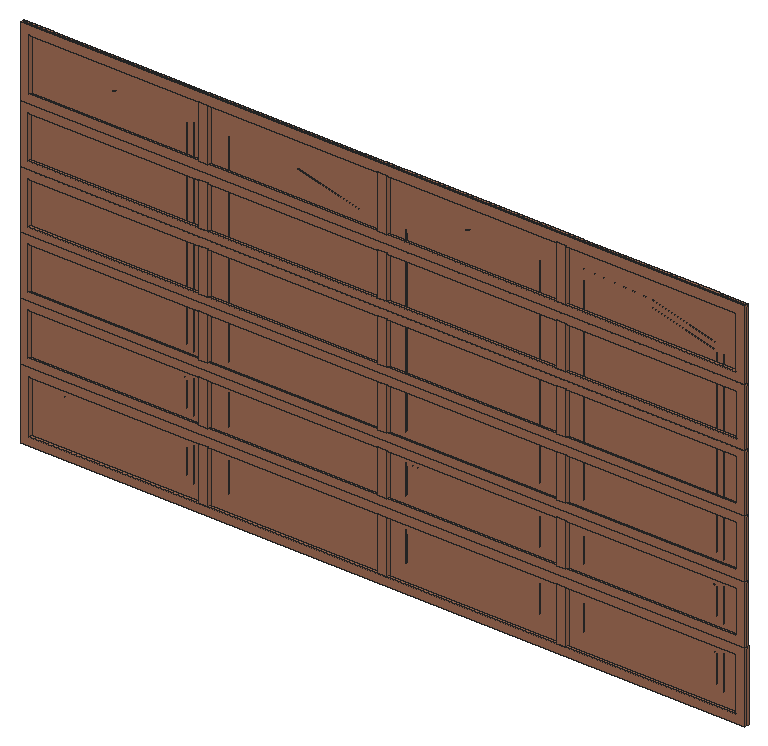
Revit family "GDBL E 8PARCHHB CRV", category Doors, host Wall, Revit 2013 (continued)
Forms (mm)
  Extrusion 99, solid, material "Garage Wood"
    sketch origin (2744.172, 300, 824) x (1, 0, 0) y (0, 1, 0)
      loop
        line (-3994.172, -384) -> (-3994.172, -405) -> (-3934.172, -405) -> (-3934.172, -384) -> (-3994.172, -384)
      loop
        line (-1494.172, -384) -> (-1554.172, -384) -> (-1554.172, -405) -> (-1494.172, -405) -> (-1494.172, -384)
    from -764 to -402
Cuts and joins
  Sweep 41, Sweep 44, Sweep 47, Sweep 50, Extrusion 54, Extrusion 55, Extrusion 59, Extrusion 60 cuts Extrusion 11
  Sweep 41, Sweep 44, Sweep 47, Sweep 50, Extrusion 54, Extrusion 55, Extrusion 56, Extrusion 58, Extrusion 59 cuts Extrusion 12
  Sweep 41, Sweep 44, Sweep 47, Sweep 50, Extrusion 53, Extrusion 57, Extrusion 62, Extrusion 63, Extrusion 64, Extrusion 65, Extrusion 66, Extrusion 67, Extrusion 68, Extrusion 69, Extrusion 70, Extrusion 71, Extrusion 72, Extrusion 73, Extrusion 74, Extrusion 75, Extrusion 76, Extrusion 77, Extrusion 78, Extrusion 79, Extrusion 80, Extrusion 81, Extrusion 82, Extrusion 83, Extrusion 84, Extrusion 85, Extrusion 86, Extrusion 87, Extrusion 88, Extrusion 89, Extrusion 90, Extrusion 91, Extrusion 92, Extrusion 93, Extrusion 94, Extrusion 95, Extrusion 96, Extrusion 97 cuts Extrusion 13
  Sweep 41, Sweep 44, Sweep 47, Sweep 50, Extrusion 53, Extrusion 56, Extrusion 57, Extrusion 58 cuts Extrusion 36
  Sweep 42, Sweep 45, Sweep 48, Sweep 51, Extrusion 61 cuts Extrusion 9
  Sweep 43, Sweep 46, Sweep 49, Sweep 52, Extrusion 60, Extrusion 61 cuts Extrusion 10
  Extrusion 53, Extrusion 57, Extrusion 62 cuts Sweep 15
  Extrusion 53, Extrusion 57 cuts Sweep 20
  Extrusion 57 cuts Sweep 25
  Extrusion 57 cuts Sweep 30
  Extrusion 58 cuts Sweep 37
  Extrusion 58 cuts Sweep 38
  Extrusion 58 cuts Sweep 39
  Extrusion 58 cuts Sweep 40
  Extrusion 59 cuts Sweep 17
  Extrusion 59 cuts Sweep 22
  Extrusion 59 cuts Sweep 27
  Extrusion 59 cuts Sweep 32
  Extrusion 60 cuts Sweep 18
  Extrusion 60 cuts Sweep 23
  Extrusion 60 cuts Sweep 28
  Extrusion 60 cuts Sweep 33
  Extrusion 61 cuts Sweep 14
  Extrusion 61 cuts Sweep 19
  Extrusion 61 cuts Sweep 24
  Extrusion 61 cuts Sweep 29
Lines and regions (mm)
  Opening 1
    outline origin (-3050, -75, 0) x (1, 0, 0) y (0, 0, 1)
      loop
        line (610, 0) -> (5490, 0) -> (5490, 2535) -> (610, 2535) -> (610, 0)
  symbolic lines, style "Elevation Swing"
    curve 1: line (-2470, -105, 1688) -> (-2470, -2275, 1688)
    curve 2: line (-2470, -2275, 1688) -> (2470, -2275, 1688)
    curve 3: line (2470, -2275, 1688) -> (2470, -105, 1688)
Text (mm)
  text "Exterior" at (-2295.016, 1099.543, 0), in view "Ref. Level"
  text "Exterior" at (0, 1615.38, 3698.081), in view "Left"
  text "Exterior" at (0, 1036.032, 3874.932), in view "Right"
Dimensions and locks
  equal spacing: plane 3 "Left", plane 2 "Center (Left/Right)", plane 4 "Right"
  "Width": plane 3 "Left" to plane 4 "Right"
  "Height": plane 5 to host wall
  host wall to plane 5 = 2535 mm
  host wall to plane 15 = 2570 mm
  locked: plane 6 "Exterior" to host wall at 0
  locked: plane 7 "Interior" to host wall
  plane 3 "Left" to plane 4 "Right" = 4880 mm
  plane 9 "Garage Top" to plane 13 to plane 12 to plane 11 to plane 10 to level = 402 mm, 402 mm, 402 mm, 402 mm, 482 mm
  "Wall Opening": plane 3 "Left" to plane 4 "Right"
  level to plane 10 to plane 11 to plane 12 to plane 13 to plane 9 "Garage Top" = 482 mm, 402 mm, 402 mm, 402 mm, 402 mm
  plane 9 "Garage Top" to plane 15 = 480 mm
  plane 15 to plane 9 "Garage Top" = 480 mm
  aligned and locked: plane 3 "Left" to Opening 1 sketch curve
  aligned and locked: plane 5 to Opening 1 sketch curve  (x2)
  aligned and locked: Opening 1 sketch curve to plane 4 "Right"
  aligned and locked: Opening 1 sketch curve to level
  aligned and locked: host wall to plane 1
  aligned and locked: level to Sweep 2 sketch curve
Automatic sketch dimensions
  plane 3 "Left" to curve 1 = 30 mm
  host wall to curve 1 = 2200 mm
  curve 2 to plane 4 "Right" = 30 mm
  host wall to curve 3 = 30 mm
  host wall to curve 1 = 30 mm
  Sweep 1 sketch curve to plane 12 = 0 mm
  Sweep 1 sketch curve to plane 13 = 0 mm
  plane 3 "Left" to Sweep 1 sketch curve = 30 mm
  Sweep 1 sketch curve to plane 4 "Right" = 30 mm
  profile plane to Sweep 1 sketch curve = 0 mm
  profile plane to Sweep 1 sketch curve = 9 mm
  profile plane to Sweep 1 sketch curve = 54 mm
  Sweep 1 sketch curve to Sweep 1 sketch curve = 21 mm
  Sweep 2 sketch curve to plane 10 = 0 mm
  plane 3 "Left" to Sweep 2 sketch curve = 30 mm
  Sweep 2 sketch curve to plane 4 "Right" = 30 mm
  profile plane to Sweep 2 sketch curve = 0 mm
  profile plane to Sweep 2 sketch curve = 9 mm
  Sweep 2 sketch curve to Sweep 2 sketch curve = 60 mm
  Sweep 2 sketch curve to Sweep 2 sketch curve = 21 mm
  Sweep 3 sketch curve to plane 9 "Garage Top" = 0 mm
  Sweep 3 sketch curve to plane 15 = 0 mm
  plane 3 "Left" to Sweep 3 sketch curve = 30 mm
  Sweep 3 sketch curve to plane 4 "Right" = 30 mm
  profile plane to Sweep 3 sketch curve = 0 mm
  profile plane to Sweep 3 sketch curve = 9 mm
  profile plane to Sweep 3 sketch curve = 60 mm
  Sweep 3 sketch curve to Sweep 3 sketch curve = 21 mm
  Sweep 4 sketch curve to plane 11 = 0 mm
  Sweep 4 sketch curve to plane 12 = 0 mm
  plane 3 "Left" to Sweep 4 sketch curve = 30 mm
  Sweep 4 sketch curve to plane 4 "Right" = 30 mm
  profile plane to Sweep 4 sketch curve = 0 mm
  profile plane to Sweep 4 sketch curve = 9 mm
  profile plane to Sweep 4 sketch curve = 54 mm
  Sweep 4 sketch curve to Sweep 4 sketch curve = 21 mm
  Sweep 5 sketch curve to plane 10 = 0 mm
  Sweep 5 sketch curve to plane 11 = 0 mm
  plane 3 "Left" to Sweep 5 sketch curve = 30 mm
  Sweep 5 sketch curve to plane 4 "Right" = 30 mm
  profile plane to Sweep 5 sketch curve = 0 mm
  profile plane to Sweep 5 sketch curve = 9 mm
  profile plane to Sweep 5 sketch curve = 54 mm
  Sweep 5 sketch curve to Sweep 5 sketch curve = 21 mm
  host wall to Extrusion 6 sketch curve = 30 mm  (x2)
  Extrusion 6 sketch curve to plane 3 "Left" = 1190 mm
  Extrusion 6 sketch curve to Extrusion 6 sketch curve = 60 mm  (x2)
  Extrusion 6 sketch curve to plane 2 "Center (Left/Right)" = 30 mm
  host wall to Extrusion 6 sketch curve = 9 mm  (x3)
  plane 2 "Center (Left/Right)" to Extrusion 6 sketch curve = 30 mm
  Extrusion 6 sketch curve to Extrusion 6 sketch curve = 1160 mm
  Extrusion 6 sketch curve to Extrusion 6 sketch curve = 21 mm
  host wall to Extrusion 7 sketch curve = 30 mm  (x2)
  Extrusion 7 sketch curve to plane 3 "Left" = 1190 mm
  Extrusion 7 sketch curve to Extrusion 7 sketch curve = 60 mm  (x2)
  Extrusion 7 sketch curve to plane 2 "Center (Left/Right)" = 30 mm
  host wall to Extrusion 7 sketch curve = 9 mm  (x3)
  plane 2 "Center (Left/Right)" to Extrusion 7 sketch curve = 30 mm
  Extrusion 7 sketch curve to Extrusion 7 sketch curve = 1160 mm
  Extrusion 7 sketch curve to Extrusion 7 sketch curve = 21 mm
  host wall to Extrusion 8 sketch curve = 30 mm  (x2)
  Extrusion 8 sketch curve to plane 3 "Left" = 1190 mm
  Extrusion 8 sketch curve to Extrusion 8 sketch curve = 60 mm  (x2)
  Extrusion 8 sketch curve to plane 2 "Center (Left/Right)" = 30 mm
  host wall to Extrusion 8 sketch curve = 9 mm  (x3)
  plane 2 "Center (Left/Right)" to Extrusion 8 sketch curve = 30 mm
  Extrusion 8 sketch curve to Extrusion 8 sketch curve = 1160 mm
  Extrusion 8 sketch curve to Extrusion 8 sketch curve = 21 mm
  Extrusion 9 sketch curve to plane 10 = 0 mm
  Extrusion 9 sketch curve to level = 0 mm
  Extrusion 9 sketch curve to plane 4 "Right" = 30 mm
  plane 3 "Left" to Extrusion 9 sketch curve = 30 mm
  Extrusion 10 sketch curve to plane 11 = 0 mm
  Extrusion 10 sketch curve to plane 10 = 0 mm
  Extrusion 10 sketch curve to plane 4 "Right" = 30 mm
  plane 3 "Left" to Extrusion 10 sketch curve = 30 mm
  Extrusion 11 sketch curve to plane 12 = 0 mm
  Extrusion 11 sketch curve to plane 11 = 0 mm
  Extrusion 11 sketch curve to plane 4 "Right" = 30 mm
  plane 3 "Left" to Extrusion 11 sketch curve = 30 mm
  Extrusion 12 sketch curve to plane 13 = 0 mm
  Extrusion 12 sketch curve to plane 12 = 0 mm
  Extrusion 12 sketch curve to plane 4 "Right" = 30 mm
  plane 3 "Left" to Extrusion 12 sketch curve = 30 mm
  Extrusion 13 sketch curve to plane 15 = 0 mm
  Extrusion 13 sketch curve to plane 9 "Garage Top" = 0 mm
  Extrusion 13 sketch curve to plane 4 "Right" = 30 mm
  plane 3 "Left" to Extrusion 13 sketch curve = 30 mm
  Sweep 14 sketch curve to plane 11 = 90 mm
  plane 4 "Right" to Sweep 14 sketch curve = 170 mm
  plane 10 to Sweep 14 sketch curve = 100 mm
  Sweep 14 sketch curve to Sweep 14 sketch curve = 925.088 mm
  profile plane to Sweep 14 sketch curve = 0 mm
  Sweep 14 sketch curve to profile plane = 0 mm
  profile plane to Sweep 14 sketch curve = 3.5 mm
  Sweep 14 sketch curve to profile plane = 31 mm
  Sweep 14 sketch curve to profile plane = 6.5 mm
  profile plane to Sweep 14 sketch curve = 1.875 mm
  Sweep 14 sketch curve to Sweep 14 sketch curve = 9 mm
  Sweep 14 sketch curve to Sweep 14 sketch curve = 6.5 mm
  plane 5 to Sweep 15 sketch curve = 175 mm
  plane 4 "Right" to Sweep 15 sketch curve = 170 mm
  Sweep 15 sketch curve to plane 9 "Garage Top" = 0 mm
  Sweep 15 sketch curve to plane 9 "Garage Top" = 129.969 mm
  plane 9 "Garage Top" to Sweep 15 sketch curve = 0.031 mm
  Sweep 15 sketch curve to level = 180.378 mm
  Sweep 15 sketch curve to Sweep 15 sketch curve = 925.088 mm
  Sweep 15 sketch curve to profile plane = 0 mm  (x2)
  profile plane to Sweep 15 sketch curve = 3.5 mm
  profile plane to Sweep 15 sketch curve = 31 mm
  Sweep 15 sketch curve to Sweep 15 sketch curve = 3.5 mm
  profile plane to Sweep 15 sketch curve = 1.875 mm
  profile plane to Sweep 15 sketch curve = 6.5 mm
  Sweep 15 sketch curve to Sweep 15 sketch curve = 6.5 mm
  level to Sweep 16 sketch curve = 170 mm
  plane 4 "Right" to Sweep 16 sketch curve = 1095.088 mm
  Sweep 16 sketch curve to plane 10 = 100 mm
  plane 4 "Right" to Sweep 16 sketch curve = 170 mm
  Sweep 16 sketch curve to profile plane = 0 mm
  profile plane to Sweep 16 sketch curve = 0 mm
  profile plane to Sweep 16 sketch curve = 3.5 mm  (x2)
  profile plane to Sweep 16 sketch curve = 31 mm
  Sweep 16 sketch curve to Sweep 16 sketch curve = 6.5 mm
  profile plane to Sweep 16 sketch curve = 1.875 mm
  Sweep 16 sketch curve to Sweep 16 sketch curve = 9 mm
  Sweep 17 sketch curve to plane 13 = 0 mm
  Sweep 17 sketch curve to plane 12 = 0 mm
  plane 4 "Right" to Sweep 17 sketch curve = 155.088 mm
  Sweep 17 sketch curve to profile plane = 0 mm  (x2)
  profile plane to Sweep 17 sketch curve = 16.088 mm
  profile plane to Sweep 17 sketch curve = 3.5 mm  (x2)
  Sweep 17 sketch curve to Sweep 17 sketch curve = 3.5 mm  (x2)
  profile plane to Sweep 17 sketch curve = 1.875 mm  (x2)
  Sweep 17 sketch curve to Sweep 17 sketch curve = 6.5 mm  (x4)
  Sweep 17 sketch curve to profile plane = 14.912 mm
  Sweep 17 sketch curve to Sweep 17 sketch curve = 925.088 mm
  Sweep 17 sketch curve to Sweep 17 sketch curve = 24.5 mm
  plane 11 to Sweep 18 sketch curve = 90 mm
  plane 4 "Right" to Sweep 18 sketch curve = 170 mm
  Sweep 18 sketch curve to plane 12 = 0 mm  (x2)
  Sweep 18 sketch curve to Sweep 18 sketch curve = 925.109 mm
  Sweep 18 sketch curve to profile plane = 0 mm  (x2)
  profile plane to Sweep 18 sketch curve = 31 mm
  Sweep 18 sketch curve to Sweep 18 sketch curve = 3.5 mm  (x2)
  profile plane to Sweep 18 sketch curve = 1.875 mm
  Sweep 18 sketch curve to Sweep 18 sketch curve = 6.5 mm  (x2)
  Sweep 19 sketch curve to plane 11 = 90 mm
  plane 2 "Center (Left/Right)" to Sweep 19 sketch curve = 1065.088 mm
  plane 10 to Sweep 19 sketch curve = 100 mm
  plane 2 "Center (Left/Right)" to Sweep 19 sketch curve = 140 mm
  Sweep 19 sketch curve to profile plane = 0 mm  (x2)
  profile plane to Sweep 19 sketch curve = 3.5 mm  (x2)
  profile plane to Sweep 19 sketch curve = 31 mm
  Sweep 19 sketch curve to Sweep 19 sketch curve = 6.5 mm
  profile plane to Sweep 19 sketch curve = 1.875 mm
  Sweep 19 sketch curve to Sweep 19 sketch curve = 9 mm
  plane 5 to Sweep 20 sketch curve = 175 mm
  plane 2 "Center (Left/Right)" to Sweep 20 sketch curve = 1065.088 mm
  Sweep 20 sketch curve to plane 9 "Garage Top" = 0 mm  (x2)
  Sweep 20 sketch curve to plane 9 "Garage Top" = 129.969 mm
  Sweep 20 sketch curve to level = 180.378 mm
  plane 2 "Center (Left/Right)" to Sweep 20 sketch curve = 140 mm
  Sweep 20 sketch curve to profile plane = 0 mm  (x2)
  Sweep 20 sketch curve to profile plane = 31 mm
  Sweep 20 sketch curve to Sweep 20 sketch curve = 3.5 mm  (x2)
  profile plane to Sweep 20 sketch curve = 1.875 mm
  Sweep 20 sketch curve to profile plane = 6.5 mm
  Sweep 20 sketch curve to Sweep 20 sketch curve = 6.5 mm
  level to Sweep 21 sketch curve = 170 mm
  plane 2 "Center (Left/Right)" to Sweep 21 sketch curve = 140 mm
  Sweep 21 sketch curve to plane 10 = 100 mm
  Sweep 21 sketch curve to Sweep 21 sketch curve = 925.088 mm
  Sweep 21 sketch curve to profile plane = 0 mm  (x2)
  profile plane to Sweep 21 sketch curve = 3.5 mm
  Sweep 21 sketch curve to Sweep 21 sketch curve = 31 mm
  Sweep 21 sketch curve to profile plane = 6.5 mm
  profile plane to Sweep 21 sketch curve = 1.875 mm
  Sweep 21 sketch curve to Sweep 21 sketch curve = 9 mm
  Sweep 21 sketch curve to Sweep 21 sketch curve = 6.5 mm
  Sweep 22 sketch curve to plane 13 = 0 mm
  Sweep 22 sketch curve to plane 12 = 0 mm
  plane 2 "Center (Left/Right)" to Sweep 22 sketch curve = 125.088 mm
  Sweep 22 sketch curve to profile plane = 0 mm  (x2)
  profile plane to Sweep 22 sketch curve = 971 mm
  profile plane to Sweep 22 sketch curve = 3.5 mm  (x2)
  Sweep 22 sketch curve to Sweep 22 sketch curve = 3.5 mm  (x2)
  profile plane to Sweep 22 sketch curve = 1.875 mm  (x2)
  Sweep 22 sketch curve to Sweep 22 sketch curve = 6.5 mm  (x4)
  Sweep 22 sketch curve to Sweep 22 sketch curve = 24.5 mm
  profile plane to Sweep 22 sketch curve = 14.912 mm
  Sweep 22 sketch curve to profile plane = 16.088 mm
  plane 11 to Sweep 23 sketch curve = 90 mm
  plane 2 "Center (Left/Right)" to Sweep 23 sketch curve = 1065.109 mm
  Sweep 23 sketch curve to plane 12 = 0 mm  (x2)
  plane 2 "Center (Left/Right)" to Sweep 23 sketch curve = 140 mm
  Sweep 23 sketch curve to profile plane = 0 mm  (x2)
  Sweep 23 sketch curve to profile plane = 31 mm
  Sweep 23 sketch curve to Sweep 23 sketch curve = 3.5 mm  (x2)
  profile plane to Sweep 23 sketch curve = 1.875 mm
  Sweep 23 sketch curve to Sweep 23 sketch curve = 6.5 mm  (x2)
  Sweep 24 sketch curve to plane 11 = 90 mm
  Sweep 24 sketch curve to plane 3 "Left" = 1095.088 mm
  plane 10 to Sweep 24 sketch curve = 100 mm
  Sweep 24 sketch curve to plane 3 "Left" = 170 mm
  Sweep 24 sketch curve to profile plane = 0 mm  (x2)
  profile plane to Sweep 24 sketch curve = 3.5 mm  (x2)
  profile plane to Sweep 24 sketch curve = 31 mm
  Sweep 24 sketch curve to Sweep 24 sketch curve = 6.5 mm
  profile plane to Sweep 24 sketch curve = 1.875 mm
  Sweep 24 sketch curve to Sweep 24 sketch curve = 9 mm
  plane 5 to Sweep 25 sketch curve = 175 mm
  Sweep 25 sketch curve to plane 3 "Left" = 1095.088 mm
  Sweep 25 sketch curve to plane 9 "Garage Top" = 0 mm  (x2)
  Sweep 25 sketch curve to plane 9 "Garage Top" = 129.969 mm
  Sweep 25 sketch curve to level = 180.378 mm
  Sweep 25 sketch curve to plane 3 "Left" = 170 mm
  Sweep 25 sketch curve to profile plane = 0 mm  (x2)
  Sweep 25 sketch curve to profile plane = 31 mm
  Sweep 25 sketch curve to Sweep 25 sketch curve = 3.5 mm  (x2)
  profile plane to Sweep 25 sketch curve = 1.875 mm
  Sweep 25 sketch curve to profile plane = 6.5 mm
  Sweep 25 sketch curve to Sweep 25 sketch curve = 6.5 mm
  level to Sweep 26 sketch curve = 170 mm
  Sweep 26 sketch curve to plane 3 "Left" = 170 mm
  Sweep 26 sketch curve to plane 10 = 100 mm
  Sweep 26 sketch curve to Sweep 26 sketch curve = 925.088 mm
  Sweep 26 sketch curve to profile plane = 0 mm  (x2)
  profile plane to Sweep 26 sketch curve = 3.5 mm
  Sweep 26 sketch curve to Sweep 26 sketch curve = 31 mm
  Sweep 26 sketch curve to profile plane = 6.5 mm
  profile plane to Sweep 26 sketch curve = 1.875 mm
  Sweep 26 sketch curve to Sweep 26 sketch curve = 9 mm
  Sweep 26 sketch curve to Sweep 26 sketch curve = 6.5 mm
  Sweep 27 sketch curve to plane 13 = 0 mm
  Sweep 27 sketch curve to plane 12 = 0 mm
  Sweep 27 sketch curve to plane 3 "Left" = 155.088 mm
  Sweep 27 sketch curve to profile plane = 0 mm  (x2)
  profile plane to Sweep 27 sketch curve = 971 mm
  profile plane to Sweep 27 sketch curve = 3.5 mm  (x2)
  Sweep 27 sketch curve to Sweep 27 sketch curve = 3.5 mm  (x2)
  profile plane to Sweep 27 sketch curve = 1.875 mm  (x2)
  Sweep 27 sketch curve to Sweep 27 sketch curve = 6.5 mm  (x4)
  Sweep 27 sketch curve to Sweep 27 sketch curve = 24.5 mm
  profile plane to Sweep 27 sketch curve = 14.912 mm
  Sweep 27 sketch curve to profile plane = 16.088 mm
  plane 11 to Sweep 28 sketch curve = 90 mm
  Sweep 28 sketch curve to plane 3 "Left" = 1095.109 mm
  Sweep 28 sketch curve to plane 12 = 0 mm  (x2)
  Sweep 28 sketch curve to plane 3 "Left" = 170 mm
  Sweep 28 sketch curve to profile plane = 0 mm  (x2)
  Sweep 28 sketch curve to profile plane = 31 mm
  Sweep 28 sketch curve to Sweep 28 sketch curve = 3.5 mm  (x2)
  profile plane to Sweep 28 sketch curve = 1.875 mm
  Sweep 28 sketch curve to Sweep 28 sketch curve = 6.5 mm  (x2)
  Sweep 29 sketch curve to plane 11 = 90 mm
  Sweep 29 sketch curve to plane 2 "Center (Left/Right)" = 140 mm
  plane 10 to Sweep 29 sketch curve = 100 mm
  Sweep 29 sketch curve to Sweep 29 sketch curve = 925.088 mm
  profile plane to Sweep 29 sketch curve = 0 mm
  Sweep 29 sketch curve to profile plane = 0 mm
  profile plane to Sweep 29 sketch curve = 3.5 mm
  Sweep 29 sketch curve to Sweep 29 sketch curve = 31 mm
  Sweep 29 sketch curve to profile plane = 6.5 mm
  profile plane to Sweep 29 sketch curve = 1.875 mm
  Sweep 29 sketch curve to Sweep 29 sketch curve = 9 mm
  Sweep 29 sketch curve to Sweep 29 sketch curve = 6.5 mm
  plane 5 to Sweep 30 sketch curve = 175 mm
  Sweep 30 sketch curve to plane 2 "Center (Left/Right)" = 140 mm
  Sweep 30 sketch curve to plane 9 "Garage Top" = 0 mm  (x2)
  Sweep 30 sketch curve to plane 9 "Garage Top" = 129.969 mm
  Sweep 30 sketch curve to level = 180.378 mm
  Sweep 30 sketch curve to Sweep 30 sketch curve = 925.088 mm
  Sweep 30 sketch curve to profile plane = 0 mm  (x2)
  profile plane to Sweep 30 sketch curve = 3.5 mm
  profile plane to Sweep 30 sketch curve = 31 mm
  Sweep 30 sketch curve to Sweep 30 sketch curve = 3.5 mm
  profile plane to Sweep 30 sketch curve = 1.875 mm
  profile plane to Sweep 30 sketch curve = 6.5 mm
  Sweep 30 sketch curve to Sweep 30 sketch curve = 6.5 mm
  level to Sweep 31 sketch curve = 170 mm
  Sweep 31 sketch curve to plane 2 "Center (Left/Right)" = 1065.088 mm
  Sweep 31 sketch curve to plane 10 = 100 mm
  Sweep 31 sketch curve to plane 2 "Center (Left/Right)" = 140 mm
  Sweep 31 sketch curve to profile plane = 0 mm
  profile plane to Sweep 31 sketch curve = 0 mm
  profile plane to Sweep 31 sketch curve = 3.5 mm  (x2)
  profile plane to Sweep 31 sketch curve = 31 mm
  Sweep 31 sketch curve to Sweep 31 sketch curve = 6.5 mm
  profile plane to Sweep 31 sketch curve = 1.875 mm
  Sweep 31 sketch curve to Sweep 31 sketch curve = 9 mm
  Sweep 32 sketch curve to plane 13 = 0 mm
  Sweep 32 sketch curve to plane 12 = 0 mm
  Sweep 32 sketch curve to plane 2 "Center (Left/Right)" = 125.088 mm
  Sweep 32 sketch curve to profile plane = 0 mm  (x2)
  profile plane to Sweep 32 sketch curve = 16.088 mm
  profile plane to Sweep 32 sketch curve = 3.5 mm  (x2)
  Sweep 32 sketch curve to Sweep 32 sketch curve = 3.5 mm  (x2)
  profile plane to Sweep 32 sketch curve = 1.875 mm  (x2)
  Sweep 32 sketch curve to Sweep 32 sketch curve = 6.5 mm  (x4)
  Sweep 32 sketch curve to profile plane = 14.912 mm
  Sweep 32 sketch curve to Sweep 32 sketch curve = 925.088 mm
  Sweep 32 sketch curve to Sweep 32 sketch curve = 24.5 mm
  plane 11 to Sweep 33 sketch curve = 90 mm
  Sweep 33 sketch curve to plane 2 "Center (Left/Right)" = 140 mm
  Sweep 33 sketch curve to plane 12 = 0 mm  (x2)
  Sweep 33 sketch curve to Sweep 33 sketch curve = 925.109 mm
  Sweep 33 sketch curve to profile plane = 0 mm  (x2)
  profile plane to Sweep 33 sketch curve = 31 mm
  Sweep 33 sketch curve to Sweep 33 sketch curve = 3.5 mm  (x2)
  profile plane to Sweep 33 sketch curve = 1.875 mm
  Sweep 33 sketch curve to Sweep 33 sketch curve = 6.5 mm  (x2)
  Sweep 34 sketch curve to plane 13 = 0 mm
  Sweep 34 sketch curve to plane 9 "Garage Top" = 0 mm
  plane 3 "Left" to Sweep 34 sketch curve = 30 mm
  Sweep 34 sketch curve to plane 4 "Right" = 30 mm
  profile plane to Sweep 34 sketch curve = 0 mm
  profile plane to Sweep 34 sketch curve = 9 mm
  profile plane to Sweep 34 sketch curve = 54 mm
  Sweep 34 sketch curve to Sweep 34 sketch curve = 21 mm
  host wall to Extrusion 35 sketch curve = 30 mm  (x2)
  Extrusion 35 sketch curve to plane 3 "Left" = 1190 mm
  Extrusion 35 sketch curve to Extrusion 35 sketch curve = 60 mm  (x2)
  Extrusion 35 sketch curve to plane 2 "Center (Left/Right)" = 30 mm
  host wall to Extrusion 35 sketch curve = 9 mm  (x3)
  plane 2 "Center (Left/Right)" to Extrusion 35 sketch curve = 30 mm
  Extrusion 35 sketch curve to Extrusion 35 sketch curve = 1160 mm
  Extrusion 35 sketch curve to Extrusion 35 sketch curve = 21 mm
  Extrusion 36 sketch curve to plane 9 "Garage Top" = 0 mm
  Extrusion 36 sketch curve to plane 13 = 0 mm
  Extrusion 36 sketch curve to plane 4 "Right" = 30 mm
  plane 3 "Left" to Extrusion 36 sketch curve = 30 mm
  Sweep 37 sketch curve to plane 9 "Garage Top" = 0 mm
  Sweep 37 sketch curve to plane 13 = 0 mm
  plane 4 "Right" to Sweep 37 sketch curve = 155.088 mm
  Sweep 37 sketch curve to profile plane = 0 mm  (x2)
  profile plane to Sweep 37 sketch curve = 16.088 mm
  profile plane to Sweep 37 sketch curve = 3.5 mm  (x2)
  Sweep 37 sketch curve to Sweep 37 sketch curve = 3.5 mm  (x2)
  profile plane to Sweep 37 sketch curve = 1.875 mm  (x2)
  Sweep 37 sketch curve to Sweep 37 sketch curve = 6.5 mm  (x4)
  Sweep 37 sketch curve to profile plane = 14.912 mm
  Sweep 37 sketch curve to Sweep 37 sketch curve = 925.088 mm
  Sweep 37 sketch curve to Sweep 37 sketch curve = 24.5 mm
  Sweep 38 sketch curve to plane 9 "Garage Top" = 0 mm
  Sweep 38 sketch curve to plane 13 = 0 mm
  plane 2 "Center (Left/Right)" to Sweep 38 sketch curve = 125.088 mm
  Sweep 38 sketch curve to profile plane = 0 mm  (x2)
  profile plane to Sweep 38 sketch curve = 971 mm
  profile plane to Sweep 38 sketch curve = 3.5 mm  (x2)
  Sweep 38 sketch curve to Sweep 38 sketch curve = 3.5 mm  (x2)
  profile plane to Sweep 38 sketch curve = 1.875 mm  (x2)
  Sweep 38 sketch curve to Sweep 38 sketch curve = 6.5 mm  (x4)
  Sweep 38 sketch curve to Sweep 38 sketch curve = 24.5 mm
  profile plane to Sweep 38 sketch curve = 14.912 mm
  Sweep 38 sketch curve to profile plane = 16.088 mm
  Sweep 39 sketch curve to plane 9 "Garage Top" = 0 mm
  Sweep 39 sketch curve to plane 13 = 0 mm
  Sweep 39 sketch curve to plane 3 "Left" = 155.088 mm
  Sweep 39 sketch curve to profile plane = 0 mm  (x2)
  profile plane to Sweep 39 sketch curve = 971 mm
  profile plane to Sweep 39 sketch curve = 3.5 mm  (x2)
  Sweep 39 sketch curve to Sweep 39 sketch curve = 3.5 mm  (x2)
  profile plane to Sweep 39 sketch curve = 1.875 mm  (x2)
  Sweep 39 sketch curve to Sweep 39 sketch curve = 6.5 mm  (x4)
  Sweep 39 sketch curve to Sweep 39 sketch curve = 24.5 mm
  profile plane to Sweep 39 sketch curve = 14.912 mm
  Sweep 39 sketch curve to profile plane = 16.088 mm
  Sweep 40 sketch curve to plane 9 "Garage Top" = 0 mm
  Sweep 40 sketch curve to plane 13 = 0 mm
  Sweep 40 sketch curve to plane 2 "Center (Left/Right)" = 125.088 mm
  Sweep 40 sketch curve to profile plane = 0 mm  (x2)
  profile plane to Sweep 40 sketch curve = 16.088 mm
  profile plane to Sweep 40 sketch curve = 3.5 mm  (x2)
  Sweep 40 sketch curve to Sweep 40 sketch curve = 3.5 mm  (x2)
  profile plane to Sweep 40 sketch curve = 1.875 mm  (x2)
  Sweep 40 sketch curve to Sweep 40 sketch curve = 6.5 mm  (x4)
  Sweep 40 sketch curve to profile plane = 14.912 mm
  Sweep 40 sketch curve to Sweep 40 sketch curve = 925.088 mm
  Sweep 40 sketch curve to Sweep 40 sketch curve = 24.5 mm
  plane 5 to Sweep 41 sketch curve = 175 mm
  plane 4 "Right" to Sweep 41 sketch curve = 170.108 mm
  Sweep 41 sketch curve to plane 9 "Garage Top" = 129.999 mm
  plane 11 to Sweep 41 sketch curve = 90.013 mm
  Sweep 41 sketch curve to level = 180.378 mm
  Sweep 41 sketch curve to Sweep 41 sketch curve = 925.002 mm
  Sweep 41 sketch curve to plane 14 "Front Garage" = 0 mm
  profile plane to Sweep 41 sketch curve = 9.979 mm
  Sweep 41 sketch curve to profile plane = 0.021 mm
  Sweep 41 sketch curve to plane 14 "Front Garage" = 5 mm
  Sweep 42 sketch curve to plane 10 = 100 mm
  plane 4 "Right" to Sweep 42 sketch curve = 170 mm
  level to Sweep 42 sketch curve = 170 mm
  Sweep 42 sketch curve to Sweep 42 sketch curve = 925.088 mm
  profile plane to Sweep 42 sketch curve = 0 mm
  Sweep 42 sketch curve to plane 14 "Front Garage" = 5.011 mm
  Sweep 42 sketch curve to plane 14 "Front Garage" = 2.511 mm
  profile plane to Sweep 42 sketch curve = 10 mm
  Sweep 42 sketch curve to plane 14 "Front Garage" = 0.004 mm
  Sweep 43 sketch curve to plane 11 = 90 mm
  plane 4 "Right" to Sweep 43 sketch curve = 170 mm
  plane 10 to Sweep 43 sketch curve = 100 mm
  Sweep 43 sketch curve to Sweep 43 sketch curve = 925.088 mm
  profile plane to Sweep 43 sketch curve = 0 mm
  Sweep 43 sketch curve to plane 14 "Front Garage" = 5.011 mm
  Sweep 43 sketch curve to plane 14 "Front Garage" = 2.511 mm
  profile plane to Sweep 43 sketch curve = 10 mm
  Sweep 43 sketch curve to plane 14 "Front Garage" = 0.015 mm
  Sweep 43 sketch curve to Sweep 43 sketch curve = 2.507 mm
  Sweep 44 sketch curve to plane 5 = 175 mm
  Sweep 44 sketch curve to plane 2 "Center (Left/Right)" = 140.108 mm
  plane 9 "Garage Top" to Sweep 44 sketch curve = 129.999 mm
  Sweep 44 sketch curve to plane 11 = 90.013 mm
  level to Sweep 44 sketch curve = 180.378 mm
  Sweep 44 sketch curve to Sweep 44 sketch curve = 925.002 mm
  Sweep 44 sketch curve to plane 14 "Front Garage" = 0 mm
  profile plane to Sweep 44 sketch curve = 0.021 mm
  Sweep 44 sketch curve to plane 14 "Front Garage" = 5 mm
  Sweep 44 sketch curve to profile plane = 9.979 mm
  plane 10 to Sweep 45 sketch curve = 100 mm
  Sweep 45 sketch curve to plane 2 "Center (Left/Right)" = 140 mm
  Sweep 45 sketch curve to level = 170 mm
  Sweep 45 sketch curve to Sweep 45 sketch curve = 925.088 mm
  Sweep 45 sketch curve to profile plane = 0 mm
  Sweep 45 sketch curve to plane 14 "Front Garage" = 5.011 mm
  Sweep 45 sketch curve to profile plane = 10 mm
  Sweep 45 sketch curve to plane 14 "Front Garage" = 0.004 mm
  Sweep 45 sketch curve to Sweep 45 sketch curve = 2.507 mm
  plane 11 to Sweep 46 sketch curve = 90 mm
  Sweep 46 sketch curve to plane 2 "Center (Left/Right)" = 140 mm
  Sweep 46 sketch curve to plane 10 = 100 mm
  Sweep 46 sketch curve to Sweep 46 sketch curve = 925.088 mm
  Sweep 46 sketch curve to profile plane = 0 mm
  Sweep 46 sketch curve to plane 14 "Front Garage" = 5.011 mm
  Sweep 46 sketch curve to plane 14 "Front Garage" = 2.511 mm
  Sweep 46 sketch curve to profile plane = 10 mm
  Sweep 46 sketch curve to plane 14 "Front Garage" = 0.015 mm
  Sweep 46 sketch curve to Sweep 46 sketch curve = 2.507 mm
  Sweep 47 sketch curve to plane 5 = 175 mm
  plane 3 "Left" to Sweep 47 sketch curve = 170.108 mm
  plane 9 "Garage Top" to Sweep 47 sketch curve = 129.999 mm
  Sweep 47 sketch curve to plane 11 = 90.013 mm
  level to Sweep 47 sketch curve = 180.378 mm
  Sweep 47 sketch curve to Sweep 47 sketch curve = 925.002 mm
  Sweep 47 sketch curve to plane 14 "Front Garage" = 0 mm
  profile plane to Sweep 47 sketch curve = 0.021 mm
  Sweep 47 sketch curve to plane 14 "Front Garage" = 5 mm
  Sweep 47 sketch curve to profile plane = 9.979 mm
  plane 10 to Sweep 48 sketch curve = 100 mm
  plane 3 "Left" to Sweep 48 sketch curve = 170 mm
  Sweep 48 sketch curve to level = 170 mm
  Sweep 48 sketch curve to Sweep 48 sketch curve = 925.088 mm
  Sweep 48 sketch curve to profile plane = 0 mm
  Sweep 48 sketch curve to plane 14 "Front Garage" = 5.011 mm
  Sweep 48 sketch curve to profile plane = 10 mm
  Sweep 48 sketch curve to plane 14 "Front Garage" = 0.004 mm
  Sweep 48 sketch curve to Sweep 48 sketch curve = 2.507 mm
  plane 11 to Sweep 49 sketch curve = 90 mm
  plane 3 "Left" to Sweep 49 sketch curve = 170 mm
  Sweep 49 sketch curve to plane 10 = 100 mm
  Sweep 49 sketch curve to Sweep 49 sketch curve = 925.088 mm
  Sweep 49 sketch curve to profile plane = 0 mm
  Sweep 49 sketch curve to plane 14 "Front Garage" = 5.011 mm
  Sweep 49 sketch curve to plane 14 "Front Garage" = 2.511 mm
  Sweep 49 sketch curve to profile plane = 10 mm
  Sweep 49 sketch curve to plane 14 "Front Garage" = 0.015 mm
  Sweep 49 sketch curve to Sweep 49 sketch curve = 2.507 mm
  plane 5 to Sweep 50 sketch curve = 175 mm
  Sweep 50 sketch curve to plane 2 "Center (Left/Right)" = 140.108 mm
  Sweep 50 sketch curve to plane 9 "Garage Top" = 129.999 mm
  plane 11 to Sweep 50 sketch curve = 90.013 mm
  Sweep 50 sketch curve to level = 180.378 mm
  Sweep 50 sketch curve to Sweep 50 sketch curve = 925.002 mm
  Sweep 50 sketch curve to plane 14 "Front Garage" = 0 mm
  profile plane to Sweep 50 sketch curve = 9.979 mm
  Sweep 50 sketch curve to profile plane = 0.021 mm
  Sweep 50 sketch curve to plane 14 "Front Garage" = 5 mm
  Sweep 51 sketch curve to plane 10 = 100 mm
  Sweep 51 sketch curve to plane 2 "Center (Left/Right)" = 140 mm
  level to Sweep 51 sketch curve = 170 mm
  Sweep 51 sketch curve to Sweep 51 sketch curve = 925.088 mm
  profile plane to Sweep 51 sketch curve = 0 mm
  Sweep 51 sketch curve to plane 14 "Front Garage" = 5.011 mm
  Sweep 51 sketch curve to plane 14 "Front Garage" = 2.511 mm
  profile plane to Sweep 51 sketch curve = 10 mm
  Sweep 51 sketch curve to plane 14 "Front Garage" = 0.004 mm
  Sweep 52 sketch curve to plane 11 = 90 mm
  Sweep 52 sketch curve to plane 2 "Center (Left/Right)" = 140 mm
  plane 10 to Sweep 52 sketch curve = 100 mm
  Sweep 52 sketch curve to Sweep 52 sketch curve = 925.088 mm
  profile plane to Sweep 52 sketch curve = 0 mm
  Sweep 52 sketch curve to plane 14 "Front Garage" = 5.011 mm
  Sweep 52 sketch curve to plane 14 "Front Garage" = 2.511 mm
  profile plane to Sweep 52 sketch curve = 10 mm
  Sweep 52 sketch curve to plane 14 "Front Garage" = 0.015 mm
  Sweep 52 sketch curve to Sweep 52 sketch curve = 2.507 mm
  host wall to Extrusion 53 sketch curve = 0 mm  (x11)
  Extrusion 53 sketch curve to plane 2 "Center (Left/Right)" = 0 mm
  host wall to Extrusion 53 sketch curve = 2.187 mm  (x7)
  Extrusion 53 sketch curve to plane 2 "Center (Left/Right)" = 2.5 mm
  Extrusion 53 sketch curve to Extrusion 53 sketch curve = 135 mm  (x6)
  Extrusion 53 sketch curve to Extrusion 53 sketch curve = 2.5 mm  (x12)
  Extrusion 53 sketch curve to Extrusion 53 sketch curve = 920 mm  (x2)
  host wall to Extrusion 53 sketch curve = 2.11 mm  (x4)
  Extrusion 53 sketch curve to Extrusion 53 sketch curve = 2.588 mm  (x4)
  Extrusion 53 sketch curve to Extrusion 53 sketch curve = 2.412 mm  (x4)
  Extrusion 53 sketch curve to plane 3 "Left" = 172.5 mm
  plane 2 "Center (Left/Right)" to Extrusion 53 sketch curve = 2.5 mm
  plane 4 "Right" to Extrusion 53 sketch curve = 172.5 mm
  host wall to Extrusion 54 sketch curve = 0 mm  (x36)
  plane 4 "Right" to Extrusion 54 sketch curve = 263.387 mm
  host wall to Extrusion 54 sketch curve = 3.5 mm  (x36)
  Extrusion 54 sketch curve to Extrusion 54 sketch curve = 4 mm  (x72)
  Extrusion 54 sketch curve to Extrusion 54 sketch curve = 83.3 mm  (x32)
  Extrusion 54 sketch curve to Extrusion 54 sketch curve = 466.427 mm  (x2)
  Extrusion 54 sketch curve to plane 2 "Center (Left/Right)" = 233.387 mm
  host wall to Extrusion 55 sketch curve = 0 mm  (x36)
  plane 4 "Right" to Extrusion 55 sketch curve = 263.387 mm
  host wall to Extrusion 55 sketch curve = 3.5 mm  (x36)
  Extrusion 55 sketch curve to Extrusion 55 sketch curve = 4 mm  (x72)
  Extrusion 55 sketch curve to Extrusion 55 sketch curve = 83.3 mm  (x32)
  Extrusion 55 sketch curve to Extrusion 55 sketch curve = 466.427 mm  (x2)
  Extrusion 55 sketch curve to plane 2 "Center (Left/Right)" = 233.387 mm
  host wall to Extrusion 56 sketch curve = 0 mm  (x36)
  plane 4 "Right" to Extrusion 56 sketch curve = 263.387 mm
  host wall to Extrusion 56 sketch curve = 3.5 mm  (x36)
  Extrusion 56 sketch curve to Extrusion 56 sketch curve = 4 mm  (x72)
  Extrusion 56 sketch curve to Extrusion 56 sketch curve = 83.3 mm  (x32)
  Extrusion 56 sketch curve to Extrusion 56 sketch curve = 466.427 mm  (x2)
  Extrusion 56 sketch curve to plane 2 "Center (Left/Right)" = 233.387 mm
  host wall to Extrusion 57 sketch curve = 0 mm  (x11)
  Extrusion 57 sketch curve to plane 2 "Center (Left/Right)" = 0 mm
  host wall to Extrusion 57 sketch curve = 2.187 mm  (x7)
  Extrusion 57 sketch curve to plane 2 "Center (Left/Right)" = 2.5 mm
  Extrusion 57 sketch curve to Extrusion 57 sketch curve = 135 mm  (x6)
  Extrusion 57 sketch curve to Extrusion 57 sketch curve = 2.5 mm  (x12)
  Extrusion 57 sketch curve to Extrusion 57 sketch curve = 920 mm  (x2)
  host wall to Extrusion 57 sketch curve = 2.11 mm  (x4)
  Extrusion 57 sketch curve to Extrusion 57 sketch curve = 2.588 mm  (x4)
  Extrusion 57 sketch curve to Extrusion 57 sketch curve = 2.412 mm  (x4)
  Extrusion 57 sketch curve to plane 3 "Left" = 172.5 mm
  plane 2 "Center (Left/Right)" to Extrusion 57 sketch curve = 2.5 mm
  plane 4 "Right" to Extrusion 57 sketch curve = 172.5 mm
  host wall to Extrusion 58 sketch curve = 0 mm  (x11)
  Extrusion 58 sketch curve to plane 2 "Center (Left/Right)" = 0 mm
  host wall to Extrusion 58 sketch curve = 2.187 mm  (x7)
  Extrusion 58 sketch curve to plane 2 "Center (Left/Right)" = 2.5 mm
  Extrusion 58 sketch curve to Extrusion 58 sketch curve = 135 mm  (x6)
  Extrusion 58 sketch curve to Extrusion 58 sketch curve = 2.5 mm  (x12)
  Extrusion 58 sketch curve to Extrusion 58 sketch curve = 920 mm  (x2)
  host wall to Extrusion 58 sketch curve = 2.11 mm  (x4)
  Extrusion 58 sketch curve to Extrusion 58 sketch curve = 2.588 mm  (x4)
  Extrusion 58 sketch curve to Extrusion 58 sketch curve = 2.412 mm  (x4)
  Extrusion 58 sketch curve to plane 3 "Left" = 172.5 mm
  plane 2 "Center (Left/Right)" to Extrusion 58 sketch curve = 2.5 mm
  plane 4 "Right" to Extrusion 58 sketch curve = 172.5 mm
  host wall to Extrusion 59 sketch curve = 0 mm  (x11)
  Extrusion 59 sketch curve to plane 2 "Center (Left/Right)" = 0 mm
  host wall to Extrusion 59 sketch curve = 2.187 mm  (x7)
  Extrusion 59 sketch curve to plane 2 "Center (Left/Right)" = 2.5 mm
  Extrusion 59 sketch curve to Extrusion 59 sketch curve = 135 mm  (x6)
  Extrusion 59 sketch curve to Extrusion 59 sketch curve = 2.5 mm  (x12)
  Extrusion 59 sketch curve to Extrusion 59 sketch curve = 920 mm  (x2)
  host wall to Extrusion 59 sketch curve = 2.11 mm  (x4)
  Extrusion 59 sketch curve to Extrusion 59 sketch curve = 2.588 mm  (x4)
  Extrusion 59 sketch curve to Extrusion 59 sketch curve = 2.412 mm  (x4)
  Extrusion 59 sketch curve to plane 3 "Left" = 172.5 mm
  plane 2 "Center (Left/Right)" to Extrusion 59 sketch curve = 2.5 mm
  plane 4 "Right" to Extrusion 59 sketch curve = 172.5 mm
  host wall to Extrusion 60 sketch curve = 0 mm  (x11)
  Extrusion 60 sketch curve to plane 2 "Center (Left/Right)" = 0 mm
  host wall to Extrusion 60 sketch curve = 2.187 mm  (x7)
  Extrusion 60 sketch curve to plane 2 "Center (Left/Right)" = 2.5 mm
  Extrusion 60 sketch curve to Extrusion 60 sketch curve = 135 mm  (x6)
  Extrusion 60 sketch curve to Extrusion 60 sketch curve = 2.5 mm  (x12)
  Extrusion 60 sketch curve to Extrusion 60 sketch curve = 920 mm  (x2)
  host wall to Extrusion 60 sketch curve = 2.11 mm  (x4)
  Extrusion 60 sketch curve to Extrusion 60 sketch curve = 2.588 mm  (x4)
  Extrusion 60 sketch curve to Extrusion 60 sketch curve = 2.412 mm  (x4)
  Extrusion 60 sketch curve to plane 3 "Left" = 172.5 mm
  plane 2 "Center (Left/Right)" to Extrusion 60 sketch curve = 2.5 mm
  plane 4 "Right" to Extrusion 60 sketch curve = 172.5 mm
  host wall to Extrusion 61 sketch curve = 0 mm  (x11)
  Extrusion 61 sketch curve to plane 2 "Center (Left/Right)" = 0 mm
  host wall to Extrusion 61 sketch curve = 2.187 mm  (x7)
  Extrusion 61 sketch curve to plane 2 "Center (Left/Right)" = 2.5 mm
  Extrusion 61 sketch curve to Extrusion 61 sketch curve = 135 mm  (x6)
  Extrusion 61 sketch curve to Extrusion 61 sketch curve = 2.5 mm  (x12)
  Extrusion 61 sketch curve to Extrusion 61 sketch curve = 920 mm  (x2)
  host wall to Extrusion 61 sketch curve = 2.11 mm  (x4)
  Extrusion 61 sketch curve to Extrusion 61 sketch curve = 2.588 mm  (x4)
  Extrusion 61 sketch curve to Extrusion 61 sketch curve = 2.412 mm  (x4)
  Extrusion 61 sketch curve to plane 3 "Left" = 172.5 mm
  plane 2 "Center (Left/Right)" to Extrusion 61 sketch curve = 2.5 mm
  plane 4 "Right" to Extrusion 61 sketch curve = 172.5 mm
  host wall to Extrusion 62 sketch curve = 0 mm
  plane 4 "Right" to Extrusion 62 sketch curve = 271.387 mm
  host wall to Extrusion 62 sketch curve = 3.5 mm
  Extrusion 62 sketch curve to Extrusion 62 sketch curve = 4 mm  (x2)
  host wall to Extrusion 63 sketch curve = 0 mm
  plane 4 "Right" to Extrusion 63 sketch curve = 362.687 mm
  host wall to Extrusion 63 sketch curve = 3.5 mm
  Extrusion 63 sketch curve to Extrusion 63 sketch curve = 4 mm  (x2)
  host wall to Extrusion 64 sketch curve = 0 mm
  plane 4 "Right" to Extrusion 64 sketch curve = 453.987 mm
  host wall to Extrusion 64 sketch curve = 3.5 mm
  Extrusion 64 sketch curve to Extrusion 64 sketch curve = 4 mm  (x2)
  host wall to Extrusion 65 sketch curve = 0 mm
  plane 4 "Right" to Extrusion 65 sketch curve = 545.287 mm
  host wall to Extrusion 65 sketch curve = 3.5 mm
  Extrusion 65 sketch curve to Extrusion 65 sketch curve = 4 mm  (x2)
  host wall to Extrusion 66 sketch curve = 0 mm
  plane 4 "Right" to Extrusion 66 sketch curve = 636.587 mm
  host wall to Extrusion 66 sketch curve = 3.5 mm
  Extrusion 66 sketch curve to Extrusion 66 sketch curve = 4 mm  (x2)
  host wall to Extrusion 67 sketch curve = 0 mm
  plane 4 "Right" to Extrusion 67 sketch curve = 727.887 mm
  host wall to Extrusion 67 sketch curve = 3.5 mm
  Extrusion 67 sketch curve to Extrusion 67 sketch curve = 4 mm  (x2)
  host wall to Extrusion 68 sketch curve = 0 mm
  plane 4 "Right" to Extrusion 68 sketch curve = 819.187 mm
  host wall to Extrusion 68 sketch curve = 3.5 mm
  Extrusion 68 sketch curve to Extrusion 68 sketch curve = 4 mm  (x2)
  host wall to Extrusion 69 sketch curve = 0 mm
  plane 4 "Right" to Extrusion 69 sketch curve = 910.487 mm
  host wall to Extrusion 69 sketch curve = 3.5 mm
  Extrusion 69 sketch curve to Extrusion 69 sketch curve = 4 mm  (x2)
  host wall to Extrusion 70 sketch curve = 0 mm
  plane 4 "Right" to Extrusion 70 sketch curve = 1001.787 mm
  host wall to Extrusion 70 sketch curve = 3.5 mm
  Extrusion 70 sketch curve to Extrusion 70 sketch curve = 4 mm  (x2)
  host wall to Extrusion 71 sketch curve = 0 mm
  plane 2 "Center (Left/Right)" to Extrusion 71 sketch curve = 241.387 mm
  host wall to Extrusion 71 sketch curve = 3.5 mm
  Extrusion 71 sketch curve to Extrusion 71 sketch curve = 4 mm  (x2)
  host wall to Extrusion 72 sketch curve = 0 mm
  plane 2 "Center (Left/Right)" to Extrusion 72 sketch curve = 332.687 mm
  host wall to Extrusion 72 sketch curve = 3.5 mm
  Extrusion 72 sketch curve to Extrusion 72 sketch curve = 4 mm  (x2)
  host wall to Extrusion 73 sketch curve = 0 mm
  plane 2 "Center (Left/Right)" to Extrusion 73 sketch curve = 423.987 mm
  host wall to Extrusion 73 sketch curve = 3.5 mm
  Extrusion 73 sketch curve to Extrusion 73 sketch curve = 4 mm  (x2)
  host wall to Extrusion 74 sketch curve = 0 mm
  plane 2 "Center (Left/Right)" to Extrusion 74 sketch curve = 515.287 mm
  host wall to Extrusion 74 sketch curve = 3.5 mm
  Extrusion 74 sketch curve to Extrusion 74 sketch curve = 4 mm  (x2)
  host wall to Extrusion 75 sketch curve = 0 mm
  plane 2 "Center (Left/Right)" to Extrusion 75 sketch curve = 606.587 mm
  host wall to Extrusion 75 sketch curve = 3.5 mm
  Extrusion 75 sketch curve to Extrusion 75 sketch curve = 4 mm  (x2)
  host wall to Extrusion 76 sketch curve = 0 mm
  plane 2 "Center (Left/Right)" to Extrusion 76 sketch curve = 697.887 mm
  host wall to Extrusion 76 sketch curve = 3.5 mm
  Extrusion 76 sketch curve to Extrusion 76 sketch curve = 4 mm  (x2)
  host wall to Extrusion 77 sketch curve = 0 mm
  plane 2 "Center (Left/Right)" to Extrusion 77 sketch curve = 789.187 mm
  host wall to Extrusion 77 sketch curve = 3.5 mm
  Extrusion 77 sketch curve to Extrusion 77 sketch curve = 4 mm  (x2)
  host wall to Extrusion 78 sketch curve = 0 mm
  plane 2 "Center (Left/Right)" to Extrusion 78 sketch curve = 880.487 mm
  host wall to Extrusion 78 sketch curve = 3.5 mm
  Extrusion 78 sketch curve to Extrusion 78 sketch curve = 4 mm  (x2)
  host wall to Extrusion 79 sketch curve = 0 mm
  plane 2 "Center (Left/Right)" to Extrusion 79 sketch curve = 971.787 mm
  host wall to Extrusion 79 sketch curve = 3.5 mm
  Extrusion 79 sketch curve to Extrusion 79 sketch curve = 4 mm  (x2)
  host wall to Extrusion 80 sketch curve = 0 mm
  Extrusion 80 sketch curve to plane 3 "Left" = 271.387 mm
  host wall to Extrusion 80 sketch curve = 3.5 mm
  Extrusion 80 sketch curve to Extrusion 80 sketch curve = 4 mm  (x2)
  host wall to Extrusion 81 sketch curve = 0 mm
  Extrusion 81 sketch curve to plane 3 "Left" = 362.687 mm
  host wall to Extrusion 81 sketch curve = 3.5 mm
  Extrusion 81 sketch curve to Extrusion 81 sketch curve = 4 mm  (x2)
  host wall to Extrusion 82 sketch curve = 0 mm
  Extrusion 82 sketch curve to plane 3 "Left" = 453.987 mm
  host wall to Extrusion 82 sketch curve = 3.5 mm
  Extrusion 82 sketch curve to Extrusion 82 sketch curve = 4 mm  (x2)
  host wall to Extrusion 83 sketch curve = 0 mm
  Extrusion 83 sketch curve to plane 3 "Left" = 545.287 mm
  host wall to Extrusion 83 sketch curve = 3.5 mm
  Extrusion 83 sketch curve to Extrusion 83 sketch curve = 4 mm  (x2)
  host wall to Extrusion 84 sketch curve = 0 mm
  Extrusion 84 sketch curve to plane 3 "Left" = 636.587 mm
  host wall to Extrusion 84 sketch curve = 3.5 mm
  Extrusion 84 sketch curve to Extrusion 84 sketch curve = 4 mm  (x2)
  host wall to Extrusion 85 sketch curve = 0 mm
  Extrusion 85 sketch curve to plane 3 "Left" = 727.887 mm
  host wall to Extrusion 85 sketch curve = 3.5 mm
  Extrusion 85 sketch curve to Extrusion 85 sketch curve = 4 mm  (x2)
  host wall to Extrusion 86 sketch curve = 0 mm
  Extrusion 86 sketch curve to plane 3 "Left" = 819.187 mm
  host wall to Extrusion 86 sketch curve = 3.5 mm
  Extrusion 86 sketch curve to Extrusion 86 sketch curve = 4 mm  (x2)
  host wall to Extrusion 87 sketch curve = 0 mm
  Extrusion 87 sketch curve to plane 3 "Left" = 910.487 mm
  host wall to Extrusion 87 sketch curve = 3.5 mm
  Extrusion 87 sketch curve to Extrusion 87 sketch curve = 4 mm  (x2)
  host wall to Extrusion 88 sketch curve = 0 mm
  Extrusion 88 sketch curve to plane 3 "Left" = 1001.787 mm
  host wall to Extrusion 88 sketch curve = 3.5 mm
  Extrusion 88 sketch curve to Extrusion 88 sketch curve = 4 mm  (x2)
  host wall to Extrusion 89 sketch curve = 0 mm
  Extrusion 89 sketch curve to plane 2 "Center (Left/Right)" = 241.387 mm
  host wall to Extrusion 89 sketch curve = 3.5 mm
  Extrusion 89 sketch curve to Extrusion 89 sketch curve = 4 mm  (x2)
  host wall to Extrusion 90 sketch curve = 0 mm
  Extrusion 90 sketch curve to plane 2 "Center (Left/Right)" = 332.687 mm
  host wall to Extrusion 90 sketch curve = 3.5 mm
  Extrusion 90 sketch curve to Extrusion 90 sketch curve = 4 mm  (x2)
  host wall to Extrusion 91 sketch curve = 0 mm
  Extrusion 91 sketch curve to plane 2 "Center (Left/Right)" = 423.987 mm
  host wall to Extrusion 91 sketch curve = 3.5 mm
  Extrusion 91 sketch curve to Extrusion 91 sketch curve = 4 mm  (x2)
  host wall to Extrusion 92 sketch curve = 0 mm
  Extrusion 92 sketch curve to plane 2 "Center (Left/Right)" = 515.287 mm
  host wall to Extrusion 92 sketch curve = 3.5 mm
  Extrusion 92 sketch curve to Extrusion 92 sketch curve = 4 mm  (x2)
  host wall to Extrusion 93 sketch curve = 0 mm
  Extrusion 93 sketch curve to plane 2 "Center (Left/Right)" = 606.587 mm
  host wall to Extrusion 93 sketch curve = 3.5 mm
  Extrusion 93 sketch curve to Extrusion 93 sketch curve = 4 mm  (x2)
  host wall to Extrusion 94 sketch curve = 0 mm
  Extrusion 94 sketch curve to plane 2 "Center (Left/Right)" = 697.887 mm
  host wall to Extrusion 94 sketch curve = 3.5 mm
  Extrusion 94 sketch curve to Extrusion 94 sketch curve = 4 mm  (x2)
  host wall to Extrusion 95 sketch curve = 0 mm
  Extrusion 95 sketch curve to plane 2 "Center (Left/Right)" = 789.187 mm
  host wall to Extrusion 95 sketch curve = 3.5 mm
  Extrusion 95 sketch curve to Extrusion 95 sketch curve = 4 mm  (x2)
  host wall to Extrusion 96 sketch curve = 0 mm
  Extrusion 96 sketch curve to plane 2 "Center (Left/Right)" = 880.487 mm
  host wall to Extrusion 96 sketch curve = 3.5 mm
  Extrusion 96 sketch curve to Extrusion 96 sketch curve = 4 mm  (x2)
  host wall to Extrusion 97 sketch curve = 0 mm
  Extrusion 97 sketch curve to plane 2 "Center (Left/Right)" = 971.787 mm
  host wall to Extrusion 97 sketch curve = 3.5 mm
  Extrusion 97 sketch curve to Extrusion 97 sketch curve = 4 mm  (x2)
  host wall to Extrusion 98 sketch curve = 30 mm  (x2)
  Extrusion 98 sketch curve to plane 3 "Left" = 1190 mm
  Extrusion 98 sketch curve to Extrusion 98 sketch curve = 60 mm  (x2)
  Extrusion 98 sketch curve to plane 2 "Center (Left/Right)" = 30 mm
  host wall to Extrusion 98 sketch curve = 9 mm  (x3)
  plane 2 "Center (Left/Right)" to Extrusion 98 sketch curve = 30 mm
  Extrusion 98 sketch curve to Extrusion 98 sketch curve = 1160 mm
  Extrusion 98 sketch curve to Extrusion 98 sketch curve = 21 mm
  host wall to Extrusion 99 sketch curve = 30 mm  (x2)
  Extrusion 99 sketch curve to plane 3 "Left" = 1190 mm
  Extrusion 99 sketch curve to Extrusion 99 sketch curve = 60 mm  (x2)
  Extrusion 99 sketch curve to plane 2 "Center (Left/Right)" = 30 mm
  host wall to Extrusion 99 sketch curve = 9 mm  (x3)
  plane 2 "Center (Left/Right)" to Extrusion 99 sketch curve = 30 mm
  Extrusion 99 sketch curve to Extrusion 99 sketch curve = 1160 mm
  Extrusion 99 sketch curve to Extrusion 99 sketch curve = 21 mm
Nested families
  nested 1: "Twist Handle1" at (1259.981, -75, 273.045) x (-1, 0, 0) z (0, 0, 1), type "Twist Handle"
    with Handle Height 856.039 mm
  nested 2: "Twist Handle1" at (1150.019, -75, 273.045), type "Twist Handle"
    with Handle Height 856.039 mm
  nested 3: "Twist Handle1" at (-1259.981, -75, 273.045), type "Twist Handle"
    with Handle Height 856.039 mm
  nested 4: "Twist Handle1" at (-1150.019, -75, 273.045) x (-1, 0, 0) z (0, 0, 1), type "Twist Handle"
    with Handle Height 856.039 mm
Definition of nested family "Twist Handle1"
  Parameters (values of type "Twist Handle")
    Handle Height [instance] = 923.87 mm
    Handle Finish = none
  Reference planes
    plane 1 "Center (Front/Back)": y = 0
    plane 2: z = 0
    plane 3 "Center (Left/Right)": x = 0
    plane 4: z = 923.87
    plane 5: z = 951.37
    plane 6: z = 896.37
    plane 7: x = -27.5
    plane 8: x = 27.5
    plane 9 "Handle Center": z = 886.37
  Forms (mm)
    Extrusion 1, solid, material <- "Handle Finish"
      sketch origin (0, 0, 0) x (1, 0, 0) y (0, 0, 1)
        loop
          line (-27.5, 951.37) -> (-27.5, 896.37) -> (27.5, 896.37) -> (27.5, 951.37) -> (-27.5, 951.37)
      from 0 to 5
    Revolve 2, solid, material <- "Handle Finish"
      sketch origin (0, 0, 886.37) x (-1, 0, 0) y (0, -1, 0)
        loop
          circle (37.5, 12) r 7
        axis (0, 12) -> (0, 13)
      angle from 0 to 360
    Extrusion 3, void
      sketch origin (0, 0, 0) x (1, 0, 0) y (0, 0, 1)
        loop
          circle (0, 942.37) r 4
        loop
          circle (0, 905.37) r 4
      from 0 to 5
  Cuts and joins
    Extrusion 3 cuts Extrusion 1
  Dimensions and locks
    "Handle Height": plane 4 to plane 2
    equal spacing: plane 5, plane 4, plane 6
    equal spacing: plane 8, plane 3 "Center (Left/Right)", plane 7
    plane 4 to plane 9 "Handle Center" = 37.5 mm
    locked: plane 5 to plane 6 at 55
    locked: plane 8 to plane 7 at 55
    aligned and locked: level to plane 2
  Automatic sketch dimensions
    Extrusion 1 sketch curve to plane 6 = 0 mm
    Extrusion 1 sketch curve to plane 7 = 0 mm
    Extrusion 1 sketch curve to plane 8 = 0 mm
    Extrusion 1 sketch curve to plane 5 = 0 mm
    Revolve 2 sketch curve to plane 3 "Center (Left/Right)" = 0 mm
    Revolve 2 sketch curve to plane 7 = 10 mm
    plane 1 "Center (Front/Back)" to Revolve 2 sketch curve = 12 mm
    plane 1 "Center (Front/Back)" to Revolve 2 sketch curve = 5 mm
    Revolve 2 sketch curve to Revolve 2 sketch curve = 40 mm
    Extrusion 3 sketch curve to plane 3 "Center (Left/Right)" = 0 mm  (x2)
    Extrusion 3 sketch curve to plane 6 = 9 mm
    Extrusion 3 sketch curve to plane 5 = 9 mm
    radius of Revolve 2 sketch curve = 7 mm
    radius of Extrusion 3 sketch curve = 4 mm  (x2)
